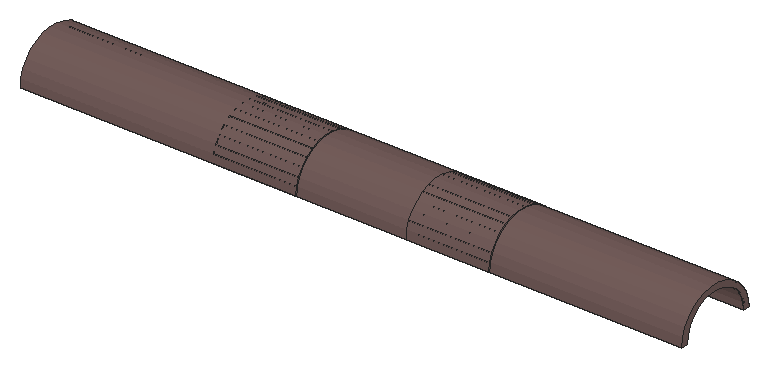
Revit family "Cumeeira Colonial", category Modelos genéricos, Revit 2015
Parameters (values of type "Cerâmica")
  Profundidade = 0.50 m
  Material = Cumeeira
  built-in parameter 1001306 [instance] = 1.20 m
  Assembly Code = ""
  Número de Telhões [instance] = [built-in parameter 1001306] / Profundidade + 1  # 3
Reference planes (m)
  plane 1 "Center (Front/Back)": y = 0
  plane 2: z = 0
  plane 3 "Left": x = 0
  plane 4 "Right": x = 1.2
Lines and regions (m)
  reference lines
    curve 1: line (0, 0, 0) -> (1.2, 0, 0)
Dimensions and locks (m)
  "built-in parameter 1001306": plane 3 "Left" to plane 4 "Right"
  equal spacing: group 1, group 3, group 2  (x3)
  aligned and locked: plane 4 "Right" to curve 1
  aligned and locked: plane 1 "Center (Front/Back)" to curve 1
  aligned and locked: plane 3 "Left" to curve 1
  aligned and locked: nested 2 to plane 4 "Right"
  aligned and locked: level to plane 2
Nested families (m)
  nested 1: "Cumeeira" at (0, 0, 0), type "Cerâmica"
    with Cumeeira Cumeeira
  nested 2: "Cumeeira" at (0.7, 0, 0), type "Cerâmica"
    with Cumeeira Cumeeira
  nested 3: "Cumeeira" at (0.35, 0, 0), type "Cerâmica"
    with Cumeeira Cumeeira
Definition of nested family "Cumeeira"
  Parameters
    Telhão = none
    Lengte = 0.50 m
    Cumeeira [instance] = none
    Assembly Code = ""
  Reference planes (m)
    plane 1 "Center (Front/Back)": y = 0
    plane 2: z = 0
    plane 3 "Center (Left/Right)": x = 0
    plane 4: x = 0.5
    plane 5: y = -0.075
    plane 6: y = 0.075
    plane 7: z = 0.07
  Forms (m)
    Extrusion 1, solid
      sketch origin (0, 0, 0) x (0, 1, 0) y (0, 0, 1)
        loop
          spline (0.075, 0) -> (0.072444, 0.018117) -> (0.064952, 0.035) -> (0.053033, 0.049497) -> (0.0375, 0.060622) -> (0.019411, 0.067615) -> (0, 0.07) -> (-0.019411, 0.067615) -> (-0.0375, 0.060622) -> (-0.053033, 0.049497) -> (-0.064952, 0.035) -> (-0.072444, 0.018117) -> (-0.075, 0)
          line (-0.075, 0) -> (-0.065, 0)
          spline (-0.065, 0) -> (-0.06283, 0.015358) -> (-0.056444, 0.029738) -> (-0.04621, 0.042187) -> (-0.032753, 0.051816) -> (-0.016985, 0.05791) -> (0, 0.06) -> (0.016985, 0.05791) -> (0.032753, 0.051816) -> (0.04621, 0.042187) -> (0.056444, 0.029738) -> (0.06283, 0.015358) -> (0.065, 0)
          line (0.065, 0) -> (0.075, 0)
      from 0 to 0.5
  Dimensions and locks (m)
    "Lengte": plane 3 "Center (Left/Right)" to plane 4
  Automatic sketch dimensions
    Extrusion 1 sketch curve to level = 0.00 m
    Extrusion 1 sketch curve to plane 6 = 0.00 m
    Extrusion 1 sketch curve to plane 5 = 0.00 m
    plane 6 to Extrusion 1 sketch curve = 0.01 m
    Extrusion 1 sketch curve to plane 5 = 0.01 m
